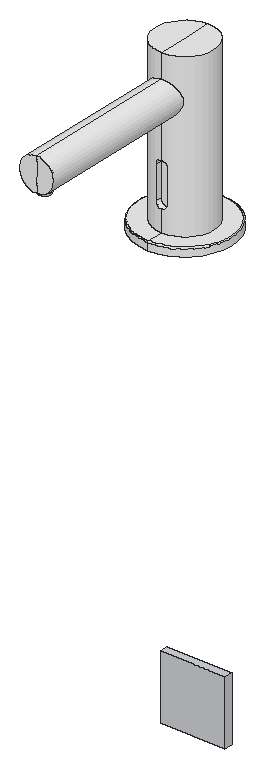
Revit family "SoapLiquidDispenser-ContactlessLiquidSoapDispenser-Short-ElectricallyConnected-Vitra-OriginSeries-A44699", category Plumbing Fixtures, host Face, Revit 2017
Family settings
  Host = Face
  Round Connector Dimension = Use Diameter
  Part Type = Normal
  OmniClass Number = 23.45.00.00
  OmniClass Title = Sanitary, Laundry, and Cleaning Equipment
  Cut with Voids When Loaded = No
  Shared = Yes
  Room Calculation Point = No
Parameters (values of type "SoapLiquidDispenser-ContactlessLiquidSoapDispenser-Short-ElectricallyConnected-Vitra-OriginSeries-A44699")
  Youtube = "https://www.youtube.com/user/VitrAglobal"
  Weight Net (kg) = "0.85"
  Waste Connection = no
  Warranty Period (Year) = "5 years"
  Vent Connection = no
  Uniformat II Description = "FURNISHINGS"
  Uniformat II Code = "E20"
  Uniclass 2015 Name = "Soap dispensers"
  Uniclass 2015 Code = "Pr_40_70_22_81"
  Uniclass 2.0 Description = "Soap Dispensers"
  Uniclass 2.0 Code = "PR-35-76-80"
  Uniclass 1.4 Description = "Soap holders/dispensers"
  Uniclass 1.4 Code = "L8246"
  URL = "https://vitraglobal.com/"
  UNSPSC Description = "Sanitary ware"
  UNSPSC Code = ""
  Technical description = "https://www.vitraglobal.com/pdf/A44699/"
  Tap hole Options (default) = ""
  Specification = ""
  Region South America = "All"
  Region Oceania = "All"
  Region North America = "All"
  Region Middle East = "All"
  Region Europe = "All"
  Region Asia = "All"
  Region Antarctica = "All"
  Region Africa = "All"
  Product url = "https://www.vitraglobal.com/bathroom-accessories/soap-toothbrush-holders/soap-dispensers/touch-free-soap-dispenser-counter-top-mains-short-sku-A44699/"
  Product manual = ""
  Product group = "Liquid Soap Dispenser"
  Product family = "OriginSeries"
  Product data url = "https://www.bimobject.com/vitra-bathrooms/product/a44699"
  Product certification = "https://www.vitraglobal.com/brochures/"
  Product Type = "Liquid Soap Dispenser"
  Product SKU = "A44699"
  Product Properties = "Liquid Soap Dispenser"
  Product Guid = ""
  OmniClass Description = "Hand Soap Dispensers"
  OmniClass Code = "23-31 25 29 13"
  Nominal Width (mm) = 60 mm
  Nominal Height (mm) = 105 mm
  Nominal Depth (mm) = 145 mm
  NBS Referans Description = "Soap Dispensers"
  NBS Referans Code = "35-76-80"
  Mounting type = ""
  Model = "A44699"
  Masterformat 2014 Description = "Furnishings"
  Masterformat 2014 Code = "12 00 00"
  Manufacturer name = "Vitra"
  Manufacturer = "Vitra"
  Main Material = "Metal"
  Installation instructions = ""
  IFC Classification = "Sanitary Terminal"
  Help = ""
  HW Connection = no
  GTIP code = ""
  Features = ""
  EAN code = ""
  Design country = "Turkey"
  Description = "Origin Liquid Soap Dispenser - Contactless Liquid Soap Dispenser - Short - Electrically Connected"
  Default Elevation = 0 mm
  Color = "Chrome"
  Coating Material = Chrome
  Calculated flow = ""
  CW Connection = no
  COBIe Type Category = ""
  Brand = "VitrA"
  BIMobject category = "Sanitary - Dispensers"
  Article No. (default) = "A44699"
  Approvals = ""
  ApplicationType = ""
  Accessories (default) = ""
Types (4, lengths in mm): name | Technical description | Product url | Product data url | Product SKU | Model | Color | Coating Material | Article No. (default)
  SoapLiquidDispenser-ContactlessLiquidSoapDispenser-Short-ElectricallyConnected-Vitra-OriginSeries-A44699 | "https://www.vitraglobal.com/pdf/A44699/" | "https://www.vitraglobal.com/bathroom-accessories/soap-toothbrush-holders/soap-dispensers/touch-free-soap-dispenser-counter-top-mains-short-sku-A44699/" | "https://www.bimobject.com/vitra-bathrooms/product/a44699" | "A44699" | "A44699" | "Chrome" | Chrome | "A44699"
  SoapLiquidDispenser-ContactlessLiquidSoapDispenser-Short-ElectricallyConnected-Vitra-OriginSeries-A4469926 | "https://www.vitraglobal.com/pdf/A4469926/" | "https://www.vitraglobal.com/bathroom-accessories/soap-toothbrush-holders/soap-dispensers/touch-free-soap-dispenser-counter-top-mains-short-sku-A4469926/" | "" | "A4469926" | "A4469926" | "Copper" | Copper | "A4469926"
  SoapLiquidDispenser-ContactlessLiquidSoapDispenser-Short-ElectricallyConnected-Vitra-OriginSeries-A4469934 | "https://www.vitraglobal.com/pdf/A4469934/" | "https://www.vitraglobal.com/bathroom-accessories/soap-toothbrush-holders/soap-dispensers/touch-free-soap-dispenser-counter-top-mains-short-sku-A4469934/" | "" | "A4469934" | "A4469934" | "Brushed Nickel" | Brushed Nickel | "A4469934"
  SoapLiquidDispenser-ContactlessLiquidSoapDispenser-Short-ElectricallyConnected-Vitra-OriginSeries-A4469936 | "https://www.vitraglobal.com/pdf/A4469936/" | "https://www.vitraglobal.com/bathroom-accessories/soap-toothbrush-holders/soap-dispensers/touch-free-soap-dispenser-counter-top-mains-short-sku-A4469936/" | "" | "A4469936" | "A4469936" | "Matte Black" | Black | "A4469936"
Reference planes
  plane 1 "Center (Front/Back)": y = 0
  plane 2: z = 0
  plane 3 "Center (Left/Right)": x = 0
  plane 4: y = 30.029
  plane 5: y = -114.971
  plane 6: x = 29.029
  plane 7: x = -30.971
  plane 8: z = 105
Forms (mm)
  Revolve 1, solid, material "Chrome" <- "Coating Material", detail levels fine
    sketch origin (0, 0, 0) x (0, 1, 0) y (0, 0, 1)
      loop
        line (0, 105) -> (0, -1.403) -> (21.099, -1.403) -> (21.099, 0) -> (29.029, 0) -> (29.029, 4.425)
        arc (29.029, 4.425) -> (28.86, 4.832) -> (28.453, 5) r 0.575
        line (28.453, 5) -> (18.029, 5) -> (18.029, 105) -> (0, 105)
      axis (0, 105) -> (0, -1.403)
    angle from 0 to 360
  Revolve 2, solid, material "Chrome" <- "Coating Material", detail levels fine
    sketch origin (0, 0, -181.979) x (0, 1, 0) y (0, 0, 1)
      loop
        line (-114.971, 272.452) -> (-114.971, 261.962) -> (-4.971, 261.962) -> (-4.971, 272.452) -> (-114.971, 272.452)
      axis (-114.971, 261.962) -> (-4.971, 261.962)
    angle from 0 to 360
  Revolve 3, solid, material "Chrome" <- "Coating Material", detail levels fine
    sketch origin (0, 0, -181.979) x (0, 1, 0) y (0, 0, 1)
      loop
        line (-109.232, 248.495) -> (-107.262, 248.148)
        arc (-107.262, 248.148) -> (-105.768, 248.479) -> (-104.945, 249.77) r 2
        line (-104.945, 249.77) -> (-103.423, 258.402) -> (-107.363, 259.096) -> (-109.232, 248.495)
      axis (-109.232, 248.495) -> (-107.363, 259.096)
    angle from 0 to 360
  Extrusion 4, void
    sketch origin (0, 0, -181.979) x (1, 0, 0) y (0, 0, 1)
      loop
        arc (-3.6, 203.6) -> (0, 200) -> (3.6, 203.6) r 3.6
        line (3.6, 203.6) -> (3.6, 223.9)
        arc (3.6, 223.9) -> (0, 227.5) -> (-3.6, 223.9) r 3.6
        line (-3.6, 223.9) -> (-3.6, 203.6)
    from 14.391 to 19.554
  Extrusion 5, solid, detail levels medium
    sketch origin (0, 0, 0) x (1, 0, 0) y (0, 1, 0)
      loop
        circle (0, 0) r 29.029
    from 0 to 105
  Extrusion 6, solid, detail levels medium
    sketch origin (0, -114.971, 79.983) x (0, 0, 1) y (-1, 0, 0)
      loop
        circle (0, 0) r 10.49
    from 0 to -114.971
  Extrusion 7, solid, detail levels coarse
    sketch origin (0, 0, 0) x (1, 0, 0) y (0, 1, 0)
      loop
        line (29.029, 30.029) -> (-30.971, 30.029) -> (-30.971, -114.971) -> (29.029, -114.971) -> (29.029, 30.029)
    from 0 to 105
  Extrusion 8, solid
    sketch origin (0, 0, 0) x (1, 0, 0) y (0, 0, 1)
      loop
        line (29.029, -237.198) -> (-10.971, -237.198) -> (-10.971, -277.198) -> (29.029, -277.198) -> (29.029, -237.198)
    from 0 to 5
Cuts and joins
  Extrusion 4 cuts Revolve 1
  Extrusion 4 cuts Revolve 2
  Extrusion 4 cuts Revolve 3
  joined: Revolve 1, Revolve 2, Revolve 3
Dimensions and locks
  "Nominal Width (mm)": plane 7 to plane 6
  "Nominal Depth (mm)": plane 4 to plane 5
  "Nominal Height (mm)": plane 8 to level
  aligned and locked: plane 2 to host face
  aligned and locked: level to host face
Automatic sketch dimensions
  host sketch curve to host sketch curve = 2438.4 mm  (x2)
  Revolve 1 sketch curve to plane 1 "Center (Front/Back)" = 0 mm  (x2)
  Revolve 1 sketch curve to level = 0 mm
  level to Revolve 1 sketch curve = 5 mm
  Revolve 1 sketch curve to plane 4 = 12 mm
  Revolve 1 sketch curve to Revolve 1 sketch curve = 3.07 mm
  Revolve 1 sketch curve to plane 4 = 1.575 mm
  Revolve 1 sketch curve to plane 4 = 1 mm
  Revolve 1 sketch curve to level = 1.403 mm
  Revolve 1 sketch curve to Revolve 1 sketch curve = 115.73 mm
  Revolve 1 sketch curve to Revolve 1 sketch curve = 45 mm
  Revolve 2 sketch curve to plane 5 = 0 mm
  plane 1 "Center (Front/Back)" to Revolve 2 sketch curve = 4.971 mm
  Revolve 2 sketch curve to Revolve 2 sketch curve = 10.49 mm
  plane 5 to Revolve 2 sketch curve = 35 mm
  Revolve 2 sketch curve to Revolve 2 sketch curve = 25 mm
  plane 5 to Revolve 3 sketch curve = 5.74 mm
  plane 5 to Revolve 3 sketch curve = 7.609 mm
  Revolve 3 sketch curve to Revolve 3 sketch curve = 1.97 mm  (x2)
  Revolve 3 sketch curve to Revolve 3 sketch curve = 0.347 mm  (x2)
  Revolve 3 sketch curve to Revolve 3 sketch curve = 3.939 mm
  Revolve 3 sketch curve to Revolve 3 sketch curve = 1.521 mm
  Revolve 3 sketch curve to Revolve 3 sketch curve = 0.521 mm
  Revolve 3 sketch curve to Revolve 3 sketch curve = 2.89 mm
  Revolve 3 sketch curve to Revolve 3 sketch curve = 2.957 mm
  Extrusion 4 sketch curve to plane 3 "Center (Left/Right)" = 0 mm
  Extrusion 4 sketch curve to Extrusion 4 sketch curve = 3.6 mm
  Extrusion 4 sketch curve to Extrusion 4 sketch curve = 20.3 mm
  plane 1 "Center (Front/Back)" to Extrusion 5 sketch curve = 0 mm
  Extrusion 5 sketch curve to plane 3 "Center (Left/Right)" = 0 mm
  Extrusion 7 sketch curve to plane 4 = 0 mm
  Extrusion 7 sketch curve to plane 7 = 0 mm
  Extrusion 7 sketch curve to plane 5 = 0 mm
  Extrusion 7 sketch curve to plane 6 = 0 mm
  Extrusion 8 sketch curve to plane 7 = 20 mm
  plane 6 to Extrusion 8 sketch curve = 0 mm
  Extrusion 8 sketch curve to level = 277.198 mm
  Extrusion 8 sketch curve to Extrusion 8 sketch curve = 40 mm
  Revolve 1 sketch curve to plane 8 = 0 mm
  Revolve 2 sketch curve to plane 8 = 25.017 mm  (x2)
  Revolve 3 sketch curve to plane 8 = 38.832 mm
  level to Extrusion 4 sketch curve = 21.621 mm
  radius of Extrusion 5 sketch curve = 29.029 mm
  radius of Extrusion 6 sketch curve to Revolve 2 = 0 mm
Connectors
  electrical at (9.029, 0, -257.198)
    settings: on Extrusion 8, index 1, voltage 220 V, apparent load 0 VA, apparent load phase1 0 VA, apparent load phase2 0 VA, apparent load phase3 0 VA, power factor 1, load classification "Power", number of poles 1, system type 31, power factor state 1, is connector primary yes, connector utility no, sub classification motor no, connector description ""
